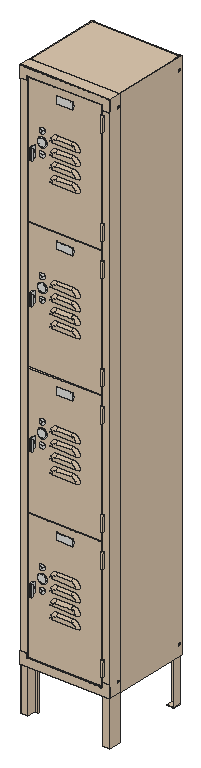
Revit family "Metal_Lockers-Salsbury_Industries-64000_Series-1_Wide_Units", category Specialty Equipment, Revit 2016 (continued)
Definition of nested family "Metal Locker Front Filler"
  Dimensions and locks (in)
    equal spacing: plane 8 "Left Side of Filler", plane 3 "Center (Left/Right)", plane 7 "Right Side of Filler"
    "Width": plane 8 "Left Side of Filler" to plane 7 "Right Side of Filler"
    equal spacing: plane 5 "Top of Panel", plane 10, plane 2
    "Height": plane 5 "Top of Panel" to plane 2
    aligned and locked: level to plane 2
    aligned and locked: Extrusion 1 to plane 5 "Top of Panel"
    aligned and locked: Extrusion 2 to plane 5 "Top of Panel"
    aligned and locked: Extrusion 3 to plane 5 "Top of Panel"
    aligned and locked: Extrusion 4 to plane 5 "Top of Panel"
  Automatic sketch dimensions
    plane 9 "Back of Filler" to Extrusion 1 sketch curve = 0.000"
    plane 6 "Front of Filler" to Extrusion 1 sketch curve = 0.000"
    Extrusion 1 sketch curve to plane 8 "Left Side of Filler" = 0.000"
    Extrusion 1 sketch curve to plane 6 "Front of Filler" = 0.048"
    Extrusion 1 sketch curve to Extrusion 1 sketch curve = 0.048"
    plane 7 "Right Side of Filler" to Extrusion 1 sketch curve = 1.000"
    Extrusion 2 sketch curve to plane 7 "Right Side of Filler" = 0.000"
    plane 7 "Right Side of Filler" to Extrusion 2 sketch curve = 0.048"
    plane 9 "Back of Filler" to Extrusion 2 sketch curve = 0.096"
    plane 6 "Front of Filler" to Extrusion 2 sketch curve = 0.048"
    Extrusion 2 sketch curve to Extrusion 2 sketch curve = 0.048"
    Extrusion 2 sketch curve to Extrusion 2 sketch curve = 1.452"
    plane 6 "Front of Filler" to Extrusion 3 sketch curve = 0.000"
    plane 7 "Right Side of Filler" to Extrusion 3 sketch curve = 1.500"
    Extrusion 3 sketch curve to Extrusion 3 sketch curve = 0.073"  (x3)
    Extrusion 3 sketch curve to Extrusion 3 sketch curve = 0.55076"
    Extrusion 3 sketch curve to Extrusion 3 sketch curve = 0.048"
    plane 6 "Front of Filler" to Extrusion 4 sketch curve = 0.000"
    Extrusion 4 sketch curve to plane 6 "Front of Filler" = 0.048"
    Extrusion 4 sketch curve to Extrusion 4 sketch curve = 0.048"  (x2)
    plane 7 "Right Side of Filler" to Extrusion 4 sketch curve = 1.70524"
    plane 7 "Right Side of Filler" to Extrusion 4 sketch curve = 0.77824"
Definition of nested family "Metal Locker Flat Top Filler"
  Parameters (values of type "77842 - for 12" Deep Lockers (15" W)")
    Width = 16.250"
    Visible = yes
    Version = "1.0 (11/30/15)"
    Type Comments = "Flat Top Filler for Standard Metal Lockers"
    Primary Structure Material = none
    Model = "77842"
    MasterFormat Title = ""
    MasterFormat Number = ""
    Manufacturer = "Salsbury Industries"
    Height = 1.003"
    Description = "15\"W Flat Top In-Line Filler"
    Depth = 12.118"
    Assembly Code = ""
  Types (7): name | Width | Visible | Model | Depth
    77842 - for 12" Deep Lockers (15" W) | 16.250" | yes | "77842" | 12.118"
    77842 - for 12" Deep Lockers (9" W) | 10.250" | yes | "77842" | 12.118"
    77845 - for 15" Deep Lockers (15" W) | 16.250" | yes | "77845" | 15.118"
    77845 - for 15" Deep Lockers (9" W) | 10.250" | yes | "77845" | 15.118"
    77848 - for 18" Deep Lockers (15" W) | 16.250" | yes | "77848" | 18.118"
    77848 - for 18" Deep Lockers (9" W) | 10.250" | yes | "77848" | 18.118"
    None | 16.250" | no | "" | 12.118"
  Reference planes (in)
    plane 1 "Center (Front/Back)": y = -2.167
    plane 2: z = 0
    plane 3 "Center (Left/Right)": x = -4.595
    plane 4 "Bottom of Panel": z = 0
    plane 5 "Top of Panel": z = 1.003
    plane 6 "Front of Panel": y = -8.226
    plane 7 "Right Side of Enclosure": x = 3.53
    plane 8 "Left Side of Enclosure": x = -12.72
    plane 9 "Back of Panel": y = 3.892
    plane 10: z = 0.5015
  Forms (in)
    Extrusion 1, solid, material <- "Primary Structure Material", visible <- "Visible"
      sketch origin (-4.595, 0, 0) x (0, 1, 0) y (0, 0, 1)
        loop
          line (-8.226, 0) -> (-8.178, 0) -> (-8.178, 0.955) -> (3.892, 0.955) -> (3.892, 1.003) -> (-8.226, 1.003) -> (-8.226, 0)
      from -8.125 to 8.125
  Dimensions and locks (in)
    equal spacing: plane 6 "Front of Panel", plane 1 "Center (Front/Back)", plane 9 "Back of Panel"
    "Depth": plane 6 "Front of Panel" to plane 9 "Back of Panel"
    equal spacing: plane 8 "Left Side of Enclosure", plane 3 "Center (Left/Right)", plane 7 "Right Side of Enclosure"
    "Width": plane 8 "Left Side of Enclosure" to plane 7 "Right Side of Enclosure"
    equal spacing: plane 5 "Top of Panel", plane 10, plane 2
    "Height": plane 5 "Top of Panel" to plane 2
    aligned and locked: level to plane 2
    aligned and locked: Extrusion 1 to plane 7 "Right Side of Enclosure"
    aligned and locked: plane 8 "Left Side of Enclosure" to Extrusion 1
    aligned and locked: plane 6 "Front of Panel" to Extrusion 1
    aligned and locked: Extrusion 1 to plane 9 "Back of Panel"
  Automatic sketch dimensions
    plane 5 "Top of Panel" to Extrusion 1 sketch curve = 0.000"
    Extrusion 1 sketch curve to plane 6 "Front of Panel" = 0.000"
    Extrusion 1 sketch curve to level = 0.000"
    Extrusion 1 sketch curve to plane 9 "Back of Panel" = 0.000"
    Extrusion 1 sketch curve to plane 6 "Front of Panel" = 0.048"
    plane 5 "Top of Panel" to Extrusion 1 sketch curve = 0.048"
Definition of nested family "Metal Locker Flat Corner Filler"
  Parameters (values of type "77832 - for 12" Deep Lockers")
    Width = 12.625"
    Visible = yes
    Version = "1.0 (11/30/15)"
    Type Comments = "Flat Top Corner Filler for Standard Metal Lockers"
    Primary Structure Material = none
    Model = "77832"
    MasterFormat Title = ""
    MasterFormat Number = ""
    Manufacturer = "Salsbury Industries"
    Height = 0.048"
    Description = "12\"W Flat Top Corner Filler"
    Depth = 12.625"
    Assembly Code = ""
  Types (4): name | Width | Visible | Model | Description | Depth
    77832 - for 12" Deep Lockers | 12.625" | yes | "77832" | "12\"W Flat Top Corner Filler" | 12.625"
    77835 - for 15" Deep Lockers | 15.625" | yes | "77835" | "15\"W Flat Top Corner Filler" | 15.625"
    77838 - for 18" Deep Lockers | 18.625" | yes | "77838" | "18\"W Flat Top Corner Filler" | 18.625"
    None | 12.625" | no | "" | "" | 12.625"
  Reference planes (in)
    plane 1 "Center (Front/Back)": y = -2.167
    plane 2: z = 0
    plane 3 "Center (Left/Right)": x = -4.595
    plane 4 "Bottom of Panel": z = 0
    plane 5 "Top of Panel": z = 0.048
    plane 6 "Front of Panel": y = -8.4795
    plane 7 "Right Side of Enclosure": x = 1.7175
    plane 8 "Left Side of Enclosure": x = -10.9075
    plane 9 "Back of Panel": y = 4.1455
    plane 10: z = 0.024
  Forms (in)
    Extrusion 1, solid, material <- "Primary Structure Material", visible <- "Visible"
      sketch origin (0, 0, 0) x (0, -1, 0) y (1, 0, 0)
        loop
          line (7.8545, -10.9075) -> (7.8545, -10.2825) -> (8.4795, -10.2825) -> (8.4795, 1.7175) -> (-4.1455, 1.7175) -> (-4.1455, -10.9075) -> (7.8545, -10.9075)
      from 0 to 0.048
  Dimensions and locks (in)
    equal spacing: plane 6 "Front of Panel", plane 1 "Center (Front/Back)", plane 9 "Back of Panel"
    "Depth": plane 6 "Front of Panel" to plane 9 "Back of Panel"
    equal spacing: plane 8 "Left Side of Enclosure", plane 3 "Center (Left/Right)", plane 7 "Right Side of Enclosure"
    "Width": plane 8 "Left Side of Enclosure" to plane 7 "Right Side of Enclosure"
    equal spacing: plane 5 "Top of Panel", plane 10, plane 2
    "Height": plane 5 "Top of Panel" to plane 2
    aligned and locked: level to plane 2
    aligned and locked: Extrusion 1 to plane 9 "Back of Panel"
    aligned and locked: plane 6 "Front of Panel" to Extrusion 1
    aligned and locked: Extrusion 1 to plane 7 "Right Side of Enclosure"
    aligned and locked: plane 8 "Left Side of Enclosure" to Extrusion 1
  Automatic sketch dimensions
    Extrusion 1 sketch curve to plane 8 "Left Side of Enclosure" = 0.000"
    plane 9 "Back of Panel" to Extrusion 1 sketch curve = 0.000"
    plane 6 "Front of Panel" to Extrusion 1 sketch curve = 0.000"
    Extrusion 1 sketch curve to plane 7 "Right Side of Enclosure" = 0.000"
    Extrusion 1 sketch curve to plane 8 "Left Side of Enclosure" = 0.625"
    Extrusion 1 sketch curve to plane 6 "Front of Panel" = 0.625"
Definition of nested family "Metal Locker Sloping Hood"
  Parameters (values of type "77752 - for 12" Deep Lockers (1 Wide)")
    Width = 12.040"
    Visible = yes
    Version = "1.0 (11/30/15)"
    Type Comments = "Sloping Hood for Standard Metal Lockers"
    Slope Angle = 28.761°
    Primary Structure Material = none
    Model = "77752"
    MasterFormat Title = ""
    MasterFormat Number = ""
    Manufacturer = "Salsbury Industries"
    Height = 6.625"
    Dividing Lines = no
    Description = "12\" Deep for up to (3) 12\" Wide Lockers"
    Depth = 12.070"
    Assembly Code = ""
  Types (12): name | Width | Visible | Slope Angle | Model | Height | Dividing Lines | Description | Depth
    77752 - for 12" Deep Lockers (1 Wide) | 12.040" | yes | 28.761° | "77752" | 6.625" | no | "12\" Deep for up to (3) 12\" Wide Lockers" | 12.070"
    77752 - for 12" Deep Lockers (3 Wide) | 36.040" | yes | 28.761° | "77752" | 6.625" | yes | "12\" Deep for up to (3) 12\" Wide Lockers" | 12.070"
    77755 - for 15" Deep Lockers (1 Wide) | 12.040" | yes | 29.946° | "77755" | 8.682" | no | "15\" Deep for up to (3) 12\" Wide Lockers" | 15.070"
    77755 - for 15" Deep Lockers (3 Wide) | 36.040" | yes | 29.946° | "77755" | 8.628" | yes | "15\" Deep for up to (3) 12\" Wide Lockers" | 15.070"
    77758 - for 18" Deep Lockers (1 Wide) | 12.040" | yes | 30.723° | "77758" | 10.739" | no | "18\" Deep for up to (3) 12\" Wide Lockers" | 18.070"
    77758 - for 18" Deep Lockers (3 Wide) | 36.040" | yes | 30.723° | "77758" | 10.739" | yes | "18\" Deep for up to (3) 12\" Wide Lockers" | 18.070"
    None | 12.000" | no | 28.761° | "" | 6.625" | no | "" | 12.070"
    77765 - for 15" Deep Lockers (1 Wide) | 15.040" | yes | 29.946° | "77752" | 6.625" | no | "12\" Deep for up to (3) 12\" Wide Lockers" | 15.070"
    77768 - for 18" Deep Lockers (1 Wide) | 15.040" | yes | 30.723° | "77752" | 6.625" | no | "12\" Deep for up to (3) 12\" Wide Lockers" | 18.070"
    77765 - for 15" Deep Lockers (3 Wide) | 45.040" | yes | 29.946° | "77752" | 6.625" | yes | "12\" Deep for up to (3) 12\" Wide Lockers" | 15.070"
    77768 - for 18" Deep Lockers (3 Wide) | 45.040" | yes | 30.723° | "77752" | 6.625" | yes | "12\" Deep for up to (3) 12\" Wide Lockers" | 18.070"
    77759 - for 18" Deep Bridge Lockers | 72.040" | yes | 30.723° | "77752" | 6.625" | no | "12\" Deep for up to (3) 12\" Wide Lockers" | 18.070"
  Reference planes (in)
    plane 1 "Center (Front/Back)": y = -2.167
    plane 2: z = 0
    plane 3 "Center (Left/Right)": x = -4.595
    plane 4 "Bottom of Panel": z = 0
    plane 5 "Top of Panel": z = 6.625
    plane 6 "Front of Panel": y = -8.202
    plane 7 "Right Side of Enclosure": x = 1.425
    plane 8 "Left Side of Enclosure": x = -10.615
    plane 9 "Back of Panel": y = 3.868
    plane 10: z = 3.3125
    plane 11: through (0, -7.81601, 0.21186) normal (0, -0.4812, 0.8766)
    plane 12: through (0, -7.94397, 0.10626) normal (0, -0.4812, 0.8766)
    plane 13: y = 3.837
    plane 14: y = 3.806
    plane 15: y = 3.775
    plane 16: y = 3.37433
    plane 17 "Divider 1": x = -6.60167
    plane 18 "Divider 2": x = -2.58833
  Forms (in)
    Extrusion 1, solid, material <- "Primary Structure Material", visible <- "Visible"
      sketch origin (1.425, 0, 0) x (0, 0, -1) y (0, -1, 0)
        loop
          line (-6.62484, -3.868) -> (0, -3.868) -> (0, 8.202) -> (-6.62484, -3.868)
      from 0 to 0.031
    Extrusion 2, solid, material <- "Primary Structure Material", visible <- "Visible"
      sketch origin (1.425, 0, 0) x (0, 0, -1) y (0, -1, 0)
        loop
          line (0, -3.868) -> (0, -3.837) -> (-6.60783, -3.837) -> (-6.62484, -3.868) -> (0, -3.868)
      from 0.03098 to 0.40598
    Extrusion 3, solid, material <- "Primary Structure Material", visible <- "Visible"
      sketch origin (1.425, 0, 0) x (0, 0, -1) y (0, -1, 0)
        loop
          line (0, -3.837) -> (0, 8.13757) -> (-0.031, 8.08109) -> (-0.031, -3.837) -> (0, -3.837)
      from 0.031 to 0.80198
    Extrusion 4, solid, material <- "Primary Structure Material", visible <- "Visible"
      sketch origin (-10.615, 0, 0) x (0, 0, -1) y (0, -1, 0)
        loop
          line (-6.62484, -3.868) -> (0, -3.868) -> (0, 8.202) -> (-6.62484, -3.868)
      from 0 to -0.031
    Extrusion 5, solid, material <- "Primary Structure Material", visible <- "Visible"
      sketch origin (-10.615, 0, 0) x (0, 0, -1) y (0, -1, 0)
        loop
          line (0, -3.868) -> (0, -3.837) -> (-6.60783, -3.837) -> (-6.62484, -3.868) -> (0, -3.868)
      from -0.031 to -0.406
    Extrusion 6, solid, material <- "Primary Structure Material", visible <- "Visible"
      sketch origin (-10.615, 0, 0) x (0, 0, -1) y (0, -1, 0)
        loop
          line (0, -3.837) -> (0, 8.13757) -> (-0.031, 8.08109) -> (-0.031, -3.837) -> (0, -3.837)
      from -0.031 to -0.802
    Extrusion 7, solid, material <- "Primary Structure Material", visible <- "Visible"
      sketch origin (-4.595, 0, 0) x (0, 1, 0) y (0, 0, 1)
        loop
          line (3.837, 6.60783) -> (-8.202, 0) -> (-7.84238, 0) -> (-7.84238, 0.031) -> (-8.08109, 0.031) -> (3.806, 6.55545) -> (3.806, 6.21809) -> (3.837, 6.21809) -> (3.837, 6.60783)
      from -5.989 to 5.989
    Extrusion 8, solid, material <- "Primary Structure Material", visible <- "Visible"
      sketch origin (-4.595, -0.031, 0) x (0, 1, 0) y (0, 0, 1)
        loop
          line (3.837, 0.031) -> (3.837, 6.55545) -> (3.806, 6.53844) -> (3.806, 0.031) -> (3.837, 0.031)
      from -5.989 to 5.989
    Extrusion 9, solid, material <- "Primary Structure Material", visible <- "Visible"
      sketch origin (0, -0.031, 0) x (0, -1, 0) y (1, 0, 0)
        loop
          line (-3.806, -9.75653) -> (-3.40533, -9.75653) -> (-3.40533, 0.56919) -> (-3.806, 0.56919) -> (-3.806, -9.75653)
      from 0.031 to 0.06464
  Lines and regions (in)
    model lines, visible <- "Dividing Lines"
      curve 1: line (-6.60167, -8.21456, -0.0069) -> (-6.60167, 3.868, 6.62484)
      curve 2: line (-2.58833, -8.21456, -0.0069) -> (-2.58833, 3.868, 6.62484)
  Dimensions and locks (in)
    equal spacing: plane 6 "Front of Panel", plane 1 "Center (Front/Back)", plane 9 "Back of Panel"
    "Depth": plane 6 "Front of Panel" to plane 9 "Back of Panel"
    equal spacing: plane 8 "Left Side of Enclosure", plane 17 "Divider 1", plane 18 "Divider 2", plane 7 "Right Side of Enclosure"
    "Width": plane 8 "Left Side of Enclosure" to plane 7 "Right Side of Enclosure"
    equal spacing: plane 5 "Top of Panel", plane 10, plane 2
    "Height": plane 5 "Top of Panel" to plane 2
    locked: plane 11 to plane 12 at 0.031
    plane 16 to plane 15 to plane 14 to plane 13 to plane 9 "Back of Panel" = 0.40067", 0.031", 0.031", 0.031"
    equal spacing: plane 8 "Left Side of Enclosure", plane 3 "Center (Left/Right)", plane 7 "Right Side of Enclosure"
    "Slope Angle": angle plane 4 "Bottom of Panel" to plane 11
    aligned and locked: level to plane 2
    aligned and locked: Extrusion 1 to plane 9 "Back of Panel"
    aligned and locked: plane 4 "Bottom of Panel" to Extrusion 1
    aligned and locked: Extrusion 7 to Extrusion 1
    aligned and locked: Extrusion 7 to Extrusion 4
    aligned and locked: Extrusion 7 to Extrusion 8  (x2)
    aligned and locked: plane 11 to Extrusion 7 sketch curve
    aligned and locked: plane 12 to Extrusion 7 sketch curve
    aligned and locked: plane 12 to Extrusion 8 sketch curve
    aligned and locked: Extrusion 4 sketch curve to plane 11
    aligned and locked: Extrusion 1 sketch curve to plane 11
    aligned and locked: Extrusion 3 sketch curve to plane 12
    aligned and locked: Extrusion 6 sketch curve to plane 12
    aligned and locked: plane 13 to Extrusion 7
    aligned and locked: plane 14 to Extrusion 8
    aligned and locked: plane 15 to Extrusion 8
    aligned and locked: plane 16 to Extrusion 9
    aligned and locked: plane 13 to Extrusion 7 sketch curve
    aligned and locked: Extrusion 7 sketch curve to plane 14
    aligned and locked: plane 13 to Extrusion 2 sketch curve
    aligned and locked: plane 11 to Extrusion 2 sketch curve
    aligned and locked: plane 13 to Extrusion 5 sketch curve
    aligned and locked: plane 11 to Extrusion 5 sketch curve
    aligned and locked: curve 2 to plane 18 "Divider 2"
    aligned and locked: curve 1 to plane 17 "Divider 1"
  Automatic sketch dimensions
    Extrusion 7 sketch curve to level = 0.000"
    level to Extrusion 7 sketch curve = 0.031"
    Extrusion 7 sketch curve to Extrusion 7 sketch curve = 0.23871"
    Extrusion 7 sketch curve to Extrusion 7 sketch curve = 0.33736"
    Extrusion 1 sketch curve to plane 9 "Back of Panel" = 0.000"
    Extrusion 1 sketch curve to level = 0.000"
    Extrusion 2 sketch curve to plane 9 "Back of Panel" = 0.000"
    Extrusion 2 sketch curve to level = 0.000"
    Extrusion 3 sketch curve to plane 13 = 0.000"
    Extrusion 3 sketch curve to level = 0.000"
    level to Extrusion 3 sketch curve = 0.031"
    Extrusion 4 sketch curve to plane 9 "Back of Panel" = 0.000"
    Extrusion 4 sketch curve to level = 0.000"
    Extrusion 5 sketch curve to plane 9 "Back of Panel" = 0.000"
    Extrusion 5 sketch curve to level = 0.000"
    Extrusion 6 sketch curve to plane 13 = 0.000"
    Extrusion 6 sketch curve to level = 0.000"
    Extrusion 6 sketch curve to Extrusion 6 sketch curve = 0.031"
    Extrusion 8 sketch curve to plane 15 = 0.000"
    Extrusion 8 sketch curve to plane 14 = 0.000"
    level to Extrusion 8 sketch curve = 0.031"
    plane 15 to Extrusion 9 sketch curve = 0.000"
    plane 16 to Extrusion 9 sketch curve = 0.000"
    Extrusion 9 sketch curve to plane 8 "Left Side of Enclosure" = 0.85847"
    plane 7 "Right Side of Enclosure" to Extrusion 9 sketch curve = 0.85581"
    curve 1 to plane 9 "Back of Panel" = 0.000"
    plane 11 to curve 1 = 0.000"
    curve 1 to plane 11 = 0.000"
    curve 1 to level = 0.0069"
    curve 2 to plane 9 "Back of Panel" = 0.000"
    plane 11 to curve 2 = 0.000"
    curve 2 to plane 11 = 0.000"
    curve 2 to level = 0.0069"
Definition of nested family "Metal Locker Sloping Top Filler"
  Parameters (values of type "77882 - for 12" Deep Lockers (15" W)")
    Width = 16.250"
    Visible = yes
    Version = "1.0 (11/30/15)"
    Type Comments = "Sloping Hood In-Line Filler for Standard Metal Lockers"
    Slope Angle = 28.761°
    Primary Structure Material = none
    Model = "77882"
    MasterFormat Title = ""
    MasterFormat Number = ""
    Manufacturer = "Salsbury Industries"
    Height = 1.003"
    Description = "15\"W Sloping Hood In-Line Filler"
    Depth = 12.118"
    Assembly Code = ""
  Types (7): name | Width | Visible | Type Comments | Slope Angle | Model | Description | Depth
    77882 - for 12" Deep Lockers (15" W) | 16.250" | yes | "Sloping Hood In-Line Filler for Standard Metal Lockers" | 28.761° | "77882" | "15\"W Sloping Hood In-Line Filler" | 12.118"
    77882 - for 12" Deep Lockers (9" W) | 10.250" | yes | "Sloping Hood In-Line Filler for Standard Metal Lockers" | 28.761° | "77882" | "15\"W Sloping Hood In-Line Filler" | 12.118"
    77885 - for 15" Deep Lockers (15" W) | 16.250" | yes | "Sloping Hood In-Line Filler for Standard Metal Lockers" | 29.946° | "77885" | "15\"W Sloping Hood In-Line Filler" | 15.118"
    77885 - for 15" Deep Lockers (9" W) | 10.250" | yes | "Sloping Hood In-Line Filler for Standard Metal Lockers" | 29.946° | "77885" | "15\"W Sloping Hood In-Line Filler" | 15.118"
    77888 - for 18" Deep Lockers (15" W) | 16.250" | yes | "Sloping Hood In-Line Filler for Standard Metal Lockers" | 30.723° | "77888" | "15\"W Sloping Hood In-Line Filler" | 18.118"
    77888 - for 18" Deep Lockers (9" W) | 10.250" | yes | "Sloping Hood In-Line Filler for Standard Metal Lockers" | 30.723° | "77888" | "15\"W Sloping Hood In-Line Filler" | 18.118"
    None | 16.250" | no | "Sloping Hood for Standard Metal Lockers" | 28.761° | "" | "" | 12.118"
  Reference planes (in)
    plane 1 "Center (Front/Back)": y = -2.167
    plane 2: z = 0
    plane 3 "Center (Left/Right)": x = -4.595
    plane 4 "Bottom of Panel": z = 0
    plane 5 "Top of Panel": z = 1.003
    plane 6 "Front of Panel": y = -8.226
    plane 7 "Right Side of Enclosure": x = 3.53
    plane 8 "Left Side of Enclosure": x = -12.72
    plane 9 "Back of Panel": y = 3.892
    plane 10: z = 0.5015
    plane 11: through (0, -7.6072, 0.33964) normal (0, -0.4812, 0.8766)
    plane 12: through (0, -7.72698, 0.21914) normal (0, -0.4812, 0.8766)
  Forms (in)
    Extrusion 1, solid, material <- "Primary Structure Material", visible <- "Visible"
      sketch origin (-4.595, 0, 0) x (0, 1, 0) y (0, 0, 1)
        loop
          line (3.892, 6.65119) -> (-8.226, 0) -> (-8.226, -1.028) -> (-8.178, -1.028) -> (-8.178, -0.02841) -> (3.892, 6.59643) -> (3.892, 6.65119)
      from -8.125 to 8.125
  Dimensions and locks (in)
    equal spacing: plane 6 "Front of Panel", plane 1 "Center (Front/Back)", plane 9 "Back of Panel"
    "Depth": plane 6 "Front of Panel" to plane 9 "Back of Panel"
    equal spacing: plane 8 "Left Side of Enclosure", plane 3 "Center (Left/Right)", plane 7 "Right Side of Enclosure"
    "Width": plane 8 "Left Side of Enclosure" to plane 7 "Right Side of Enclosure"
    equal spacing: plane 5 "Top of Panel", plane 10, plane 2
    "Height": plane 5 "Top of Panel" to plane 2
    locked: plane 11 to plane 12 at 0.048
    "Slope Angle": angle plane 4 "Bottom of Panel" to plane 11
    aligned and locked: level to plane 2
    aligned and locked: plane 11 to Extrusion 1 sketch curve
    aligned and locked: plane 12 to Extrusion 1 sketch curve
    aligned and locked: Extrusion 1 to plane 7 "Right Side of Enclosure"
    aligned and locked: plane 8 "Left Side of Enclosure" to Extrusion 1
  Automatic sketch dimensions
    Extrusion 1 sketch curve to plane 6 "Front of Panel" = 0.000"
    Extrusion 1 sketch curve to Extrusion 1 sketch curve = 0.99959"
    Extrusion 1 sketch curve to level = 0.02841"
    Extrusion 1 sketch curve to plane 9 "Back of Panel" = 0.000"
Definition of nested family "Metal Locker Sloping Corner Filler"
  Parameters (values of type "77872 - for 12" Deep Lockers")
    Width = 12.695"
    Visible = yes
    Version = "1.0 (11/30/15)"
    Type Comments = "Sloping Hood Corner Filler for Standard Metal Lockers"
    Slope Angle 2 = 28.761°
    Slope Angle 1 = 28.761°
    Primary Structure Material = none
    Model = "77872"
    MasterFormat Title = ""
    MasterFormat Number = ""
    Manufacturer = "Salsbury Industries"
    Height = 6.87897"
    Description = "12\"D Sloping Hood Corner Filler"
    Depth = 12.695"
    Assembly Code = ""
  Types (4): name | Width | Visible | Slope Angle 2 | Slope Angle 1 | Model | Description | Depth
    77872 - for 12" Deep Lockers | 12.695" | yes | 28.761° | 28.761° | "77872" | "12\"D Sloping Hood Corner Filler" | 12.695"
    77875 - for 15" Deep Lockers | 15.695" | yes | 29.946° | 29.946° | "77875" | "15\"D Sloping Hood Corner Filler" | 15.695"
    77878 - for 18" Deep Lockers | 18.695" | yes | 30.723° | 30.723° | "77878" | "18\"D Sloping Hood Corner Filler" | 18.695"
    None | 12.695" | no | 28.723° | 28.723° | "" | "" | 12.695"
  Reference planes (in)
    plane 1 "Center (Front/Back)": y = -2.167
    plane 2: z = 0
    plane 3 "Center (Left/Right)": x = -4.595
    plane 4 "Bottom of Panel": z = 0
    plane 5 "Top of Panel": z = 6.87897
    plane 6 "Front of Panel": y = -8.5145
    plane 7 "Right Side of Enclosure": x = 1.7525
    plane 8 "Left Side of Enclosure": x = -10.9425
    plane 9 "Back of Panel": y = 4.1805
    plane 10 "Center Top/Bottom": z = 3.43948
    plane 11 "Slope 1": through (0, -7.42276, 0.59922) normal (0, -0.4812, 0.8766)
    plane 12: through (0, -7.54254, 0.47872) normal (0, -0.4812, 0.8766)
    plane 13 "Diagonal Plane": through (-10.86131, 4.09969, 48) normal (0.7071, 0.7071, 0)
    plane 14 "Cutout Plane 1": y = -7.8895
    plane 15 "Cutout Plane 2": x = 1.1275
    plane 16 "Slope 2": through (1.43902, -180, 0.17206) normal (-0.4812, 0, -0.8766)
    plane 17: through (5.04554, -180, -1.86199) normal (-0.4812, 0, -0.8766)
  Forms (in)
    Extrusion 1, solid, material <- "Primary Structure Material", visible <- "Visible"
      sketch origin (-4.595, 0, 0) x (0, 1, 0) y (0, 0, 1)
        loop
          line (-7.8895, 0.28829) -> (4.1805, 6.91313) -> (4.1805, 6.96789) -> (-7.8895, 0.34304) -> (-7.8895, 0.28829)
      from -6.3475 to 6.3475
    Extrusion 2, void
      sketch origin (0, 0, 3.43948) x (1, 0, 0) y (0, 1, 0)
        loop
          line (1.75288, -8.5145) -> (-10.9425, 4.18088) -> (-10.9425, -8.5145) -> (1.75288, -8.5145)
      from -3.43948 to 8.2673
    Extrusion 3, solid, material <- "Primary Structure Material", visible <- "Visible"
      sketch origin (0, -2.167, 0) x (1, 0, 0) y (0, 0, 1)
        loop
          line (1.1275, 0.2885) -> (1.1275, 0.34304) -> (-10.9425, 6.96789) -> (-10.9425, 6.91334) -> (1.1275, 0.2885)
      from -6.3475 to 6.3475
    Extrusion 4, void
      sketch origin (-4.595, 0, 0) x (0, 1, 0) y (0, 0, 1)
        loop
          line (4.1805, 0) -> (4.1805, 6.91313) -> (-8.41474, 0) -> (4.1805, 0)
      from -6.3475 to 6.3475
    Extrusion 5, solid, not visible
      sketch origin (1.1275, 0, 0) x (0, -1, 0) y (0, 0, 1)
        loop
          line (8.60982, 0.2885) -> (7.8895, 0.2885) -> (7.8895, 0) -> (8.60982, 0) -> (8.60982, 0.2885)
      from -0.72026 to 0
  Cuts and joins
    Extrusion 2, Extrusion 4 cuts Extrusion 1
    Extrusion 4 cuts Extrusion 3
  Dimensions and locks (in)
    equal spacing: plane 6 "Front of Panel", plane 1 "Center (Front/Back)", plane 9 "Back of Panel"
    "Depth": plane 6 "Front of Panel" to plane 9 "Back of Panel"
    equal spacing: plane 8 "Left Side of Enclosure", plane 3 "Center (Left/Right)", plane 7 "Right Side of Enclosure"
    "Width": plane 8 "Left Side of Enclosure" to plane 7 "Right Side of Enclosure"
    equal spacing: plane 5 "Top of Panel", plane 10 "Center Top/Bottom", plane 2
    "Height": plane 5 "Top of Panel" to plane 2
    locked: plane 11 "Slope 1" to plane 12 at 0.048
    locked: plane 15 "Cutout Plane 2" to plane 7 "Right Side of Enclosure" at 0.625
    locked: plane 6 "Front of Panel" to plane 14 "Cutout Plane 1" at 0.625
    locked: plane 17 to plane 16 "Slope 2" at 0.04782
    "Slope Angle 1": angle plane 4 "Bottom of Panel" to plane 11 "Slope 1"
    "Slope Angle 2": angle plane 16 "Slope 2" to plane 4 "Bottom of Panel"
    aligned and locked: level to plane 2
    aligned and locked: Extrusion 1 sketch curve to plane 14 "Cutout Plane 1"
    aligned and locked: plane 9 "Back of Panel" to Extrusion 1 sketch curve
    aligned and locked: Extrusion 1 sketch curve to plane 11 "Slope 1"
    aligned and locked: plane 12 to Extrusion 1 sketch curve
    aligned and locked: plane 8 "Left Side of Enclosure" to Extrusion 1
    aligned and locked: Extrusion 1 to plane 7 "Right Side of Enclosure"
    aligned and locked: plane 6 "Front of Panel" to Extrusion 2 sketch curve
    aligned and locked: plane 8 "Left Side of Enclosure" to Extrusion 2 sketch curve
    aligned and locked: plane 13 "Diagonal Plane" to Extrusion 2 sketch curve
    aligned and locked: plane 4 "Bottom of Panel" to cut or joined group of Extrusion 1, Extrusion 2, Extrusion 4
    aligned and locked: Extrusion 4 sketch curve to level
    aligned and locked: Extrusion 4 sketch curve to plane 9 "Back of Panel"
    aligned and locked: plane 12 to Extrusion 4 sketch curve
    aligned and locked: Extrusion 4 to plane 7 "Right Side of Enclosure"
    aligned and locked: plane 8 "Left Side of Enclosure" to Extrusion 4
    aligned and locked: cut or joined group of Extrusion 3, Extrusion 4 to plane 15 "Cutout Plane 2"
    aligned and locked: plane 6 "Front of Panel" to cut or joined group of Extrusion 3, Extrusion 4
    aligned and locked: cut or joined group of Extrusion 3, Extrusion 4 to plane 9 "Back of Panel"
    aligned and locked: Extrusion 3 sketch curve to plane 15 "Cutout Plane 2"
    aligned and locked: Extrusion 3 sketch curve to plane 16 "Slope 2"
    aligned and locked: plane 8 "Left Side of Enclosure" to Extrusion 3 sketch curve
    aligned and locked: plane 17 to Extrusion 3 sketch curve
  Automatic sketch dimensions
    Extrusion 5 sketch curve to plane 14 "Cutout Plane 1" = 0.000"
    Extrusion 5 sketch curve to level = 0.000"
    plane 6 "Front of Panel" to Extrusion 5 sketch curve = 0.09532"
    Extrusion 5 sketch curve to Extrusion 5 sketch curve = 0.2885"
Types (19): name | Zee Base | Unit Height including Sloping Hood Only | Unit Height | Type Comments | Total Door(s) Height | Sloping Hood Height | Unit Height including Base Only | Overall Unit Height (including Base and Sloping Hood) | Model | Individual Door Height | Door Location D1 | Description | Depth | Compartment Divider Height | Base Height | Standard Leg Base
  (no name) | Metal Locker Zee Base : None | 78.625" | 72.000" | "Standard Metal Locker - Four Tier" | 69.81949" | 6.625" | 78.000" | 84.625" | "64162" | 17.360" | Metal Locker Doors-12 inch with Latch Hasps : Four Tier Door - 6 foot | "1 Wide - 6 Feet High - 12 Inches Deep" | 12.010" | 16.985" | 6.000" | Metal Locker Legs : 6" High - 12" W x 12" D
  64162 - with Standard 6" High Legs | Metal Locker Zee Base : None | 78.625" | 72.000" | "Standard Metal Locker - Four Tier" | 69.81949" | 6.625" | 78.000" | 84.625" | "64162" | 17.360" | Metal Locker Doors-12 inch with Latch Hasps : Four Tier Door - 6 foot | "1 Wide - 6 Feet High - 12 Inches Deep" | 12.010" | 16.985" | 6.000" | Metal Locker Legs : 6" High - 12" W x 12" D
  64165 - with Standard 6" High Legs | Metal Locker Zee Base : None | 80.682" | 72.000" | "Standard Metal Locker - Four Tier" | 69.81949" | 8.682" | 78.000" | 86.682" | "64165" | 17.360" | Metal Locker Doors-12 inch with Latch Hasps : Four Tier Door - 6 foot | "1 Wide - 6 Feet High - 15 Inches Deep" | 15.010" | 16.985" | 6.000" | Metal Locker Legs : 6" High - 12" W x 15" D
  64168 - with Standard 6" High Legs | Metal Locker Zee Base : None | 82.739" | 72.000" | "Standard Metal Locker - Four Tier" | 69.81949" | 10.739" | 78.000" | 88.739" | "64168" | 17.360" | Metal Locker Doors-12 inch with Latch Hasps : Four Tier Door - 6 foot | "1 Wide - 6 Feet High - 18 Inches Deep" | 18.010" | 16.985" | 6.000" | Metal Locker Legs : 6" High - 12"W x 18"D
  64162 - with 77572 Zee Base and 77550 Lockers without Legs | Metal Locker Zee Base : 77572- 12" W x 12" D | 78.625" | 72.000" | "Standard Metal Locker - Four Tier" | 69.81949" | 6.625" | 76.000" | 82.625" | "64162 with 77572 and 77550" | 17.360" | Metal Locker Doors-12 inch with Latch Hasps : Four Tier Door - 6 foot | "1 Wide - 6 Feet High - 12 Inches Deep with Zee Base and Lockers without Legs" | 12.010" | 16.985" | 4.000" | Metal Locker Legs : No Legs
  64165 - with 77575 Zee Base and 77550 Lockers without Legs | Metal Locker Zee Base : 77575 - 12" W x 15" D | 80.682" | 72.000" | "Standard Metal Locker - Triple Tier" | 69.81949" | 8.682" | 76.000" | 84.682" | "63165 with 77575 and 77550" | 17.360" | Metal Locker Doors-12 inch with Latch Hasps : Four Tier Door - 6 foot | "1 Wide - 6 Feet High - 15 Inches Deep with Zee Base and Lockers without Legs" | 15.010" | 16.985" | 4.000" | Metal Locker Legs : No Legs
  64168 - with 77578 Zee Base and 77550 Lockers without Legs | Metal Locker Zee Base : 77578 - 12"W x 18"D | 82.739" | 72.000" | "Standard Metal Locker - Four Tier" | 69.81949" | 10.739" | 76.000" | 86.739" | "64168 with 77578 and 77550" | 17.360" | Metal Locker Doors-12 inch with Latch Hasps : Four Tier Door - 6 foot | "1 Wide - 6 Feet High - 18 Inches Deep with Zee Base and Lockers without Legs" | 18.010" | 16.985" | 4.000" | Metal Locker Legs : No Legs
  64162 - with 77550 Lockers without Legs | Metal Locker Zee Base : None | 78.625" | 72.000" | "Standard Metal Locker - Four Tier" | 69.81949" | 6.625" | 72.000" | 78.625" | "64162 with 77550" | 17.360" | Metal Locker Doors-12 inch with Latch Hasps : Four Tier Door - 6 foot | "1 Wide - 6 Feet High - 12 Inches Deep with Lockers without Legs" | 12.010" | 16.985" | 0.000" | Metal Locker Legs : No Legs
  64165 - with 77550 Lockers without Legs | Metal Locker Zee Base : None | 80.682" | 72.000" | "Standard Metal Locker - Four Tier" | 69.81949" | 8.682" | 72.000" | 80.682" | "64165 with 77550" | 17.360" | Metal Locker Doors-12 inch with Latch Hasps : Four Tier Door - 6 foot | "1 Wide - 6 Feet High - 15 Inches Deep with Lockers without Legs" | 15.010" | 16.985" | 0.000" | Metal Locker Legs : No Legs
  64168 - with 77550 Lockers without Legs | Metal Locker Zee Base : None | 82.739" | 72.000" | "Standard Metal Locker - Four Tier" | 69.81949" | 10.739" | 72.000" | 82.739" | "64168 with 77550" | 17.360" | Metal Locker Doors-12 inch with Latch Hasps : Four Tier Door - 6 foot | "1 Wide - 6 Feet High - 18 Inches Deep with Lockers without Legs" | 18.010" | 16.985" | 0.000" | Metal Locker Legs : No Legs
  64152 - with Standard 6" High Legs | Metal Locker Zee Base : None | 66.625" | 60.000" | "Standard Metal Locker - Four Tier" | 57.81949" | 6.625" | 66.000" | 72.625" | "64152" | 14.360" | Metal Locker Doors-12 inch with Latch Hasps : Four Tier Door - 5 foot | "1 Wide - 5 Feet High - 12 Inches Deep" | 12.010" | 13.985" | 6.000" | Metal Locker Legs : 6" High - 12" W x 12" D
  64152 - with 77572 Zee Base and 77550 Lockers without Legs | Metal Locker Zee Base : 77572- 12" W x 12" D | 66.625" | 60.000" | "Standard Metal Locker - Four Tier" | 57.81949" | 6.625" | 64.000" | 70.625" | "64152 with 77572 and 77550" | 14.360" | Metal Locker Doors-12 inch with Latch Hasps : Four Tier Door - 5 foot | "1 Wide - 5 Feet High - 12 Inches Deep with Zee Base and Lockers without Legs" | 12.010" | 13.985" | 4.000" | Metal Locker Legs : No Legs
  64152 - with 77550 Lockers without Legs | Metal Locker Zee Base : None | 66.625" | 60.000" | "Standard Metal Locker - Four Tier" | 57.81949" | 6.625" | 60.000" | 66.625" | "64152 with 77550" | 14.360" | Metal Locker Doors-12 inch with Latch Hasps : Four Tier Door - 5 foot | "1 Wide - 5 Feet High - 12 Inches Deep with Lockers without Legs" | 12.010" | 13.985" | 0.000" | Metal Locker Legs : No Legs
  64155 - with Standard 6" High Legs | Metal Locker Zee Base : None | 68.682" | 60.000" | "Standard Metal Locker - Four Tier" | 57.81949" | 8.682" | 66.000" | 74.682" | "64155" | 14.360" | Metal Locker Doors-12 inch with Latch Hasps : Four Tier Door - 5 foot | "1 Wide - 5 Feet High - 15 Inches Deep" | 15.010" | 13.985" | 6.000" | Metal Locker Legs : 6" High - 12" W x 15" D
  64155 - with 77575 Zee Base and 77550 Lockers without Legs | Metal Locker Zee Base : 77575 - 12" W x 15" D | 68.682" | 60.000" | "Standard Metal Locker - Four Tier" | 57.81949" | 8.682" | 64.000" | 72.682" | "64155 with 77575 and 77550" | 14.360" | Metal Locker Doors-12 inch with Latch Hasps : Four Tier Door - 5 foot | "1 Wide - 5 Feet High - 15 Inches Deep with Zee Base and Lockers without Legs" | 15.010" | 13.985" | 4.000" | Metal Locker Legs : No Legs
  64155 - with 77550 Lockers without Legs | Metal Locker Zee Base : None | 68.682" | 60.000" | "Standard Metal Locker - Four Tier" | 57.81949" | 8.682" | 60.000" | 68.682" | "64165 with 77550" | 14.360" | Metal Locker Doors-12 inch with Latch Hasps : Four Tier Door - 5 foot | "1 Wide - 5 Feet High - 15 Inches Deep with Lockers without Legs" | 15.010" | 13.985" | 0.000" | Metal Locker Legs : No Legs
  64158 - with Standard 6" High Legs | Metal Locker Zee Base : None | 70.739" | 60.000" | "Standard Metal Locker - Four Tier" | 57.81949" | 10.739" | 66.000" | 76.739" | "64158" | 14.360" | Metal Locker Doors-12 inch with Latch Hasps : Four Tier Door - 5 foot | "1 Wide - 5 Feet High - 18 Inches Deep" | 18.010" | 13.985" | 6.000" | Metal Locker Legs : 6" High - 12"W x 18"D
  64158 - with 77578 Zee Base and 77550 Lockers without Legs | Metal Locker Zee Base : 77578 - 12"W x 18"D | 70.739" | 60.000" | "Standard Metal Locker - Four Tier" | 57.81949" | 10.739" | 64.000" | 74.739" | "64158 with 77578 and 77550" | 14.360" | Metal Locker Doors-12 inch with Latch Hasps : Four Tier Door - 5 foot | "1 Wide - 5 Feet High - 18 Inches Deep with Zee Base and Lockers without Legs" | 18.010" | 13.985" | 4.000" | Metal Locker Legs : No Legs
  64158 - with 77550 Lockers without Legs | Metal Locker Zee Base : None | 70.739" | 60.000" | "Standard Metal Locker - Four Tier" | 57.81949" | 10.739" | 60.000" | 70.739" | "64158 with 77550" | 14.360" | Metal Locker Doors-12 inch with Latch Hasps : Four Tier Door - 5 foot | "1 Wide - 5 Feet High - 18 Inches Deep with Lockers without Legs" | 18.010" | 13.985" | 0.000" | Metal Locker Legs : No Legs
